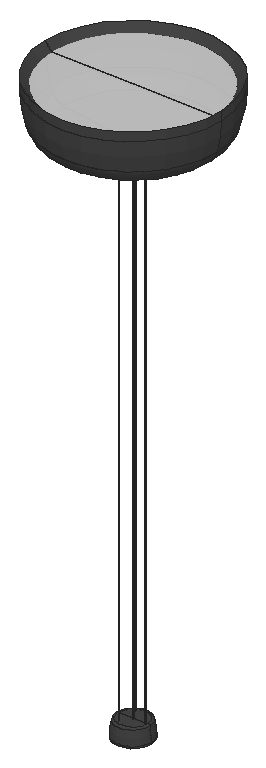
Revit family "3097939 Lighting Fixture_Sylvania_Nephos LED_Ceiling Pendant", category Lighting Fixtures, host Face, Revit 2017
Family settings
  Host = Face
  Round Connector Dimension = Use Diameter
  Part Type = Normal
  OmniClass Number = 23.80.70.11.17
  OmniClass Title = Specialized Lighting by Location or Use
  Cut with Voids When Loaded = No
  Light Source = Yes
  Shared = No
  Room Calculation Point = No
Parameters (values of type "NEPHOS 600 LED V2 GLOSS BLACK WW DALI")
  Rod Length = Mounting Height - Height - 57.0 mm  # 1743.0 mm
  Radius = 300.0 mm
  Mounting Material = Steel_Sylvania_Nephos_Silver
  Mounting Height = 2000.0 mm
  Mounting Radius = 62.0 mm  # constant formula
  Life = "50 000h"  # constant formula
  LOR = "100%"
  IP Rating = "IP20"  # constant formula
  Weight = 4.97 kg
  Wattage = 39.8235 W
  built-in parameter 1150110 = 1 (stored number, unit not read)
  Voltage Comments = "UNV (Universal Voltage; 220-240 Volt)"  # constant formula
  Voltage = 230 V  # constant formula
  URL = "http://www.sylvania-lighting.com"
  built-in parameter 1114217 = 1 (stored number, unit not read)
  Tilt Angle = -90°
  built-in parameter 1150109 = 1 (stored number, unit not read)
  built-in parameter 1150134 = (empty or 0)
  built-in parameter 1150113 = 1 (stored number, unit not read)
  Product Page URL = "http://www.sylvania-lighting.com/product/en-int/products/3097939"
  Product Family = "NEPHOS"  # constant formula
  Photometry Comments = ""
  Photometric Web File = "3097939_NEPHOS600LEDV2GLOSSBLACKWWDALI-209128.ies"
  Height = 200.0 mm
  Glow Wire Test = 650 °C
  Emit from Circle Diameter = Diameter - 10.0 mm  # 590.0 mm
  Emit Shape Visible in Rendering = no
  Electrical Protection = "Class I"  # constant formula
  Drive Current = "700mA"  # constant formula
  Diffuser Radius = Radius - 5.0 mm  # 295.0 mm
  Diffuser Material = Polycarbonate_Sylvania_Nephos_Opal
  Diameter = 2 * Radius  # 600.0 mm
  built-in parameter 1114216 [instance] = 1 (stored number, unit not read)
  Model = "NEPHOS 600 LED V2 GLOSS BLACK WW DALI"
  Manufacturer = "Feilo Sylvania"
  built-in parameter 1150105 = 161.62 (stored number, unit not read)
  Lumens = 2031 lm
  built-in parameter 1150115 = 1 (stored number, unit not read)
  built-in parameter 1150137 = (empty or 0)
  built-in parameter 1150139 = (empty or 0)
  built-in parameter 1150112 = 1 (stored number, unit not read)
  built-in parameter 1150114 = 1 (stored number, unit not read)
  Lamp = "Integrated LED"
  built-in parameter 1150132 = 2
  built-in parameter 1150102 = (empty or 0)
  built-in parameter 1150107 = 3000 (stored number, unit not read)
  built-in parameter 1150138 = (empty or 0)
  built-in parameter 1150106 = 1.6162 (stored number, unit not read)
  CRI ( Ra ) = 85  # constant formula
  Body Material = Aluminium_Sylvania_Nephos_Black
  built-in parameter 1150104 = 4.7381 (stored number, unit not read)
  Dimming Lamp Color Temperature Shift = <None>
  Description = "High-end and decorative LED pendant with a contemporary curved design. Available in gloss black and gloss white colour finishes to suit either a high brightness reception, or an ambient lounge space. Diffused (direct) light provides a soft and ambient lighting effect. Perfect for hospitality and residential applications; can be used in restaurants, bars, reception areas or lounge spaces. Aluminium housing material. 600mm diameter. Delivers up to 1340lm (4000K luminaire lumen output). Available in 3000K and 4000K colour temperatures. DALI dimmable options. 25W. LED technology provides energy efficient solution and reduced maintenance costs. 50,000 hour life. Adjustable 2000mm suspension cable"  # constant formula
  Default Elevation = 0.0 mm
  Color Filter = 16777215
  Catalog Number = "3097939 NEPHOS 600 LED V2 GLOSS BLACK WW DALI"
  built-in parameter 1140040 [instance] = 1
  built-in parameter 1114218 = 1 (stored number, unit not read)
  built-in parameter 1150133 = 10 (stored number, unit not read)
  Assembly Code = "D5020200"
  Apparent Load Comments = ""
  Apparent Load = 24 VA
Reference planes
  plane 1 "Center (Front/Back)": y = 0
  plane 2: z = 0
  plane 3 "Center (Left/Right)": x = 0
  plane 4 "Mounting Bottom": z = 57
  plane 5: z = 1800
  plane 6 "Fixture Bottom": z = 2000
  plane 7 "Diffuser Plane": z = 1975
  plane 8: z = 1820
  plane 9: z = 1870
  plane 10: z = 1970
  plane 11: z = 47
Forms (mm)
  Revolve 1, solid, material "Aluminium_Sylvania_Nephos_Black" <- "Body Material", detail levels fine
    sketch origin (0, 0, 0) x (1, 0, 0) y (0, 0, 1)
      loop
        line (-300, 2000) -> (-300, 1970)
        arc (-300, 1970) -> (-296.229, 1919.441) -> (-285, 1870) r 340.833
        arc (-285, 1870) -> (-268.025, 1840.027) -> (-240, 1820) r 79.807
        arc (-240, 1820) -> (-135.475, 1805.011) -> (-30, 1800) r 1112.5
        line (-30, 1800) -> (0, 1800) -> (0, 1805) -> (-30, 1805)
        arc (-30, 1805) -> (-134.731, 1809.963) -> (-238.523, 1824.808) r 1107.5
        arc (-238.523, 1824.808) -> (-264.485, 1843.568) -> (-280.22, 1871.467) r 74.807
        arc (-280.22, 1871.467) -> (-291.284, 1920.182) -> (-295, 1970) r 335.833
        line (-295, 1970) -> (-295, 1975) -> (-275, 1975) -> (-300, 2000)
      axis (0, 2000) -> (0, 1800)
    angle from 0 to 360
  Revolve 2, solid, material "Polycarbonate_Sylvania_Nephos_Opal" <- "Diffuser Material", detail levels fine
    sketch origin (0, 0, 0) x (1, 0, 0) y (0, 0, 1)
      loop
        line (0, 1975) -> (-295, 1975) -> (-295, 1970) -> (0, 1970) -> (0, 1975)
      axis (0, 1975) -> (0, 1970)
    angle from 0 to 360
  Revolve 3, solid, material "Aluminium_Sylvania_Nephos_Black" <- "Body Material", detail levels fine
    sketch origin (0, 0, 0) x (1, 0, 0) y (0, 0, 1)
      loop
        line (0, 57) -> (-50.541, 57)
        arc (-50.541, 57) -> (-54.527, 55.484) -> (-56.499, 51.702) r 6
        arc (-56.499, 51.702) -> (-60.62, 28.512) -> (-62, 5) r 201.008
        line (-62, 5) -> (-62, 0) -> (0, 0) -> (0, 57)
      axis (0, 57) -> (0, 0)
    angle from 0 to 360
  Extrusion 4, solid, material "Aluminium_Sylvania_Nephos_Black" <- "Body Material", detail levels fine
    sketch origin (0, 0, 0) x (1, 0, 0) y (0, 1, 0)
      loop
        circle (0, 0) r 2
    from 57 to 1800
  Revolve 5, solid, material "Aluminium_Sylvania_Nephos_Black" <- "Body Material", detail levels coarse+medium
    sketch origin (0, 0, 0) x (1, 0, 0) y (0, 0, 1)
      loop
        line (-300, 2000) -> (-300, 1970)
        arc (-300, 1970) -> (-296.229, 1919.441) -> (-285, 1870) r 340.833
        arc (-285, 1870) -> (-268.025, 1840.027) -> (-240, 1820) r 79.807
        arc (-240, 1820) -> (-135.475, 1805.011) -> (-30, 1800) r 1112.5
        line (-30, 1800) -> (0, 1800) -> (0, 2000) -> (-300, 2000)
      axis (0, 2000) -> (0, 1800)
    angle from 0 to 360
Lines and regions (mm)
  model lines
    curve 1: line (0, 0, 1800) -> (0, 0, 0)
Dimensions and locks
  locked: plane 4 "Mounting Bottom" to plane 2 at 57
  "Radius": plane 3 "Center (Left/Right)" to Revolve 1 sketch curve
  locked: Revolve 1 sketch curve to Revolve 1 sketch curve at 25
  locked: Revolve 1 sketch curve to Revolve 1 sketch curve at 15
  locked: Revolve 1 sketch curve to Revolve 1 sketch curve at 60
  "Diffuser Radius": plane 3 "Center (Left/Right)" to Revolve 2 sketch curve
  "Mounting Height": plane 6 "Fixture Bottom" to plane 2
  "Mounting Radius": plane 3 "Center (Left/Right)" to Revolve 3 sketch curve
  Revolve 3 sketch curve to Revolve 3 sketch curve to Revolve 3 sketch curve = 5.959 mm locked, 5.501 mm locked
  locked: Revolve 3 sketch curve to Revolve 3 sketch curve at 5.298
  locked: plane 4 "Mounting Bottom" to plane 11 at 10
  locked: Revolve 1 sketch curve to Revolve 1 sketch curve at 270
  locked: Revolve 5 sketch curve to Revolve 5 sketch curve at 15
  locked: Revolve 5 sketch curve to Revolve 5 sketch curve at 60
  locked: Revolve 5 sketch curve to Revolve 5 sketch curve at 270
  "Radius": plane 3 "Center (Left/Right)" to Revolve 5 sketch curve
  "Height": plane 6 "Fixture Bottom" to plane 5
  locked: plane 6 "Fixture Bottom" to plane 7 "Diffuser Plane" at 25
  plane 10 to plane 9 to plane 8 to plane 5 = 100.0 mm locked, 50.0 mm locked, 20.0 mm locked
  aligned and locked: plane 2 to host face
  aligned and locked: level to host face
  aligned and locked: plane 1 "Center (Front/Back)" to imposter light
  aligned and locked: plane 3 "Center (Left/Right)" to imposter light
  aligned and locked: Revolve 1 sketch curve to plane 3 "Center (Left/Right)"
  aligned and locked: plane 7 "Diffuser Plane" to Revolve 2 sketch curve
  aligned and locked: Revolve 2 sketch curve to plane 10
  aligned and locked: Revolve 2 sketch curve to plane 3 "Center (Left/Right)"
  aligned and locked: plane 4 "Mounting Bottom" to Revolve 3 sketch curve
  aligned and locked: Revolve 3 sketch curve to plane 3 "Center (Left/Right)"  (x2)
  aligned and locked: Extrusion 4 to plane 4 "Mounting Bottom"
  aligned and locked: plane 5 to Extrusion 4
  aligned and locked: plane 6 "Fixture Bottom" to imposter light
  aligned and locked: plane 5 to nested 1  (x2)
  aligned and locked: nested 1 to plane 1 "Center (Front/Back)"
  aligned and locked: nested 1 to plane 5
  aligned and locked: plane 5 to nested 2
  aligned and locked: plane 5 to nested 3
  aligned and locked: Revolve 5 sketch curve to plane 6 "Fixture Bottom"
  aligned and locked: plane 2 to curve 1
  aligned and locked: plane 5 to curve 1
  aligned and locked: curve 1 to plane 3 "Center (Left/Right)"
Automatic sketch dimensions
  host sketch curve to host sketch curve = 1305.563 mm
  host sketch curve to host sketch curve = 1283.632 mm
  plane 1 "Center (Front/Back)" to Extrusion 4 sketch curve = 0.0 mm
  Extrusion 4 sketch curve to plane 3 "Center (Left/Right)" = 0.0 mm
  Revolve 1 sketch curve to Revolve 1 sketch curve = 0.0 mm  (x7)
  Revolve 1 sketch curve to plane 7 "Diffuser Plane" = 0.0 mm
  Revolve 1 sketch curve to plane 10 = 0.0 mm
  Revolve 1 sketch curve to plane 9 = 0.0 mm  (x2)
  Revolve 1 sketch curve to plane 3 "Center (Left/Right)" = 0.0 mm
  Revolve 1 sketch curve to plane 5 = 0.0 mm
  Revolve 1 sketch curve to plane 8 = 0.0 mm
  Revolve 1 sketch curve to plane 6 "Fixture Bottom" = 0.0 mm
  Revolve 1 sketch curve to Revolve 1 sketch curve = 5.0 mm
  plane 5 to Revolve 1 sketch curve = 5.0 mm
  Revolve 1 sketch curve to Revolve 1 sketch curve = 135.894 mm
  Revolve 1 sketch curve to Revolve 1 sketch curve = 84.106 mm
  Revolve 2 sketch curve to plane 3 "Center (Left/Right)" = 0.0 mm
  plane 9 to Revolve 2 sketch curve = 25.416 mm
  plane 6 "Fixture Bottom" to Revolve 2 sketch curve = 55.416 mm
  Revolve 3 sketch curve to level = 0.0 mm
  level to Revolve 3 sketch curve = 5.0 mm
  Revolve 3 sketch curve to Revolve 3 sketch curve = 34.616 mm
  Revolve 3 sketch curve to Revolve 3 sketch curve = 68.384 mm
  Revolve 5 sketch curve to plane 9 = 0.0 mm  (x2)
  Revolve 5 sketch curve to plane 3 "Center (Left/Right)" = 0.0 mm  (x2)
  Revolve 5 sketch curve to plane 10 = 0.0 mm
  Revolve 5 sketch curve to plane 5 = 0.0 mm
  Revolve 5 sketch curve to plane 8 = 0.0 mm
  Revolve 5 sketch curve to plane 5 = 135.894 mm
  Revolve 5 sketch curve to Revolve 5 sketch curve = 84.106 mm
  radius of Extrusion 4 sketch curve = 2.0 mm
Nested families
  nested 1: "Mounting" at (41.499, 0, 1800) x (1, 0, 0) z (0, 0, -1), type "Mounting"
    with Rod Length 1743.0 mm
  nested 2: "Mounting" at (-20.75, 35.94, 1800) x (-0.5, 0.866, 0) z (0, 0, -1), type "Mounting"
    with Rod Length 1743.0 mm
  nested 3: "Mounting" at (-20.75, -35.94, 1800) x (-0.5, -0.866, 0) z (0, 0, -1), type "Mounting"
    with Rod Length 1743.0 mm
Connectors
  electrical at (0, 0, 0), driven by "Voltage", driven by "Apparent Load"
    settings: on Revolve 3, index 1, voltage 230 V, apparent load 0 VA, apparent load phase1 24 VA, apparent load phase2 0 VA, apparent load phase3 0 VA, power factor 1, load classification "Lighting", number of poles 1, system type 31, power factor state 1, is connector primary yes, connector utility no, sub classification motor no, connector description ""
Definition of nested family "Mounting"
  Parameters
    Rod Length = 1243.0 mm
    Mounting Material = none
    Default Elevation = 0.0 mm
  Reference planes
    plane 1 "Center (Front/Back)": y = 0
    plane 2: z = 0
    plane 3 "Center (Left/Right)": x = 0
    plane 4: y = 0
    plane 5: z = 1243
    plane 6: z = 6
  Forms (mm)
    Extrusion 1, solid, material <- "Mounting Material", detail levels fine
      sketch origin (0, 0, 0) x (1, 0, 0) y (0, 1, 0)
        loop
          circle (0, 0) r 0.5
      from 6 to 1243
    Extrusion 2, solid, material <- "Mounting Material", detail levels fine
      sketch origin (0, 0, 0) x (1, 0, 0) y (0, 1, 0)
        loop
          circle (0, 0) r 1.5
      from 0 to 6
  Dimensions and locks
    locked: plane 6 to plane 2 at 6
    "Rod Length": plane 5 to plane 2
    aligned and locked: level to plane 2
    aligned and locked: plane 5 to Extrusion 1
    aligned and locked: plane 6 to Extrusion 2
    aligned and locked: Extrusion 2 to plane 2
    aligned and locked: Extrusion 1 to plane 6
    aligned and locked: plane 1 "Center (Front/Back)" to plane 4
  Automatic sketch dimensions
    Extrusion 1 sketch curve to plane 3 "Center (Left/Right)" = 0.0 mm
    plane 4 to Extrusion 1 sketch curve = 0.0 mm
    Extrusion 2 sketch curve to plane 3 "Center (Left/Right)" = 0.0 mm
    plane 4 to Extrusion 2 sketch curve = 0.0 mm
    radius of Extrusion 1 sketch curve = 0.5 mm
    radius of Extrusion 2 sketch curve = 1.5 mm
